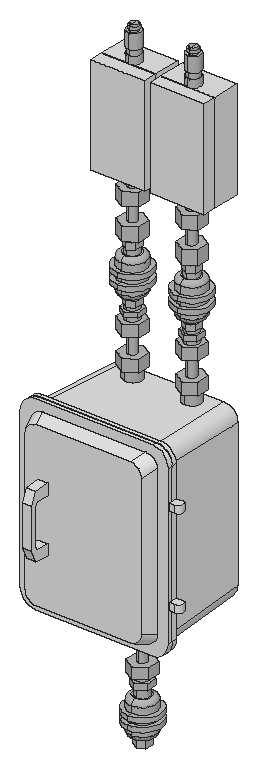
Revit family "WAGNER_Извещатели_взрывозащищённые_TITANUS_Ex_в_сборе", category Оборудование, Revit 2017
Family settings
  Размер круглого соединителя = Использовать диаметр
  Тип детали = Нормальный
  Номер OmniClass = 23.85.30.21.11.14
  Заголовок OmniClass = Alarm Panels
  На основе рабочей плоскости = Нет
  Всегда вертикально = Да
  При загрузке вырезать с полостями = Нет
  Общий = Да
  Точка расчета площади = Нет
Parameters (values of type "Typ TP-4-Ex")
  Описание = ADSK_Наименование  # "Извещатель пожарный дымовой аспирационный TITANUS Ex взрывозащищенная версия"
  Изготовитель = [ADSK_Завод-изготовитель]  # "WAGNER"
  bimon.ru = "bimon.ru"
  WAGNER_Чувствительность = if(WAGNER_Variation = 1, "от 0,015 %/м до 0,5 %/м", if(WAGNER_Variation = 2, "от 0,006 %/м до 0,5 %/м", if(WAGNER_Variation = 3, "от 0,003 %/м до 0,5 %/м", if(WAGNER_Variation = 4, "0", if(WAGNER_Variation = 5, "0", if(WAGNER_Variation = 6, "0", if(WAGNER_Variation = 7, "0", "@_@")))))))  # "от 0,006 %/м до 0,5 %/м"
  WAGNER_Тип детекторных модулей = if(WAGNER_Variation = 1, "DM-TP-50L, DM-TP-10L, DM-TP-01L", if(WAGNER_Variation = 2, "DM-TP-50L, DM-TP-10L, DM-TP-01L", if(WAGNER_Variation = 3, "DM-TP-50L-F, DM-TP-10L-F, DM-TP-01L-F", if(WAGNER_Variation = 4, "0", if(WAGNER_Variation = 5, "0", if(WAGNER_Variation = 6, "0", if(WAGNER_Variation = 7, "0", "@_@")))))))  # "DM-TP-50L, DM-TP-10L, DM-TP-01L"
  WAGNER_Тип = if(WAGNER_Variation = 1, "Typ TP-1/a-Ex", if(WAGNER_Variation = 2, "Typ TP-4-Ex", if(WAGNER_Variation = 3, "Typ TP-5-F-Ex", if(WAGNER_Variation = 4, "0", if(WAGNER_Variation = 5, "0", if(WAGNER_Variation = 6, "0", if(WAGNER_Variation = 7, "0", "@_@")))))))  # "Typ TP-4-Ex"
  WAGNER_Температурный режим. = if(WAGNER_Variation = 1, "от -20℃ до +60℃", if(WAGNER_Variation = 2, "от -20℃ до +60℃", if(WAGNER_Variation = 3, "от -40℃ до +60℃", if(WAGNER_Variation = 4, "0", if(WAGNER_Variation = 5, "0", if(WAGNER_Variation = 6, "0", if(WAGNER_Variation = 7, "0", "@_@")))))))  # "от -20℃ до +60℃"
  WAGNER_Страна производства = if(WAGNER_Variation = 1, "Россия", if(WAGNER_Variation = 2, "Россия", if(WAGNER_Variation = 3, "Россия", if(WAGNER_Variation = 4, "0", if(WAGNER_Variation = 5, "0", if(WAGNER_Variation = 6, "0", if(WAGNER_Variation = 7, "0", "@_@")))))))  # "Россия"
  WAGNER_Степень защиты оболочки = if(WAGNER_Variation = 1, "Ip66", if(WAGNER_Variation = 2, "Ip66", if(WAGNER_Variation = 3, "Ip66", if(WAGNER_Variation = 4, "0", if(WAGNER_Variation = 5, "0", if(WAGNER_Variation = 6, "0", if(WAGNER_Variation = 7, "0", "@_@")))))))  # "Ip66"
  WAGNER_Сетевые возможности = if(WAGNER_Variation = 1, "none", if(WAGNER_Variation = 2, "Ethernet, SNMP, Data logger, Web-интерфейс", if(WAGNER_Variation = 3, "Ethernet, SNMP, Data logger, Web-интерфейс", if(WAGNER_Variation = 4, "0", if(WAGNER_Variation = 5, "0", if(WAGNER_Variation = 6, "0", if(WAGNER_Variation = 7, "0", "@_@")))))))  # "Ethernet, SNMP, Data logger, Web-интерфейс"
  WAGNER_Расчет системы = if(WAGNER_Variation = 1, "Программа PipeCalc", if(WAGNER_Variation = 2, "Программа PipeCalc", if(WAGNER_Variation = 3, "Программа PipeCalc", if(WAGNER_Variation = 4, "0", if(WAGNER_Variation = 5, "0", if(WAGNER_Variation = 6, "0", if(WAGNER_Variation = 7, "0", "@_@")))))))  # "Программа PipeCalc"
  WAGNER_Рабочее напряжение = if(WAGNER_Variation = 1, "24 В", if(WAGNER_Variation = 2, "24 В", if(WAGNER_Variation = 3, "24 В", if(WAGNER_Variation = 4, "0", if(WAGNER_Variation = 5, "0", if(WAGNER_Variation = 6, "0", if(WAGNER_Variation = 7, "0", "@_@")))))))  # "24 В"
  WAGNER_Название = if(WAGNER_Variation = 1, "Извещатель пожарный дымовой аспирационный TITANUS Ex взрывозащищенная версия", if(WAGNER_Variation = 2, "Извещатель пожарный дымовой аспирационный TITANUS Ex взрывозащищенная версия", if(WAGNER_Variation = 3, "Извещатель пожарный дымовой аспирационный TITANUS Ex взрывозащищенная версия", if(WAGNER_Variation = 4, "0", if(WAGNER_Variation = 5, "0", if(WAGNER_Variation = 6, "0", if(WAGNER_Variation = 7, "0", "@_@")))))))  # "Извещатель пожарный дымовой аспирационный TITANUS Ex взрывозащищенная версия"
  WAGNER_Маркировка по взрывозащите = if(WAGNER_Variation = 1, "1Ex d IIB Т6 Gb / Ex tb IIIB T85°C Db", if(WAGNER_Variation = 2, "1Ex d IIB Т6 Gb / Ex tb IIIB T85°C Db", if(WAGNER_Variation = 3, "1Ex d IIB Т6 Gb / Ex tb IIIB T85°C Db", if(WAGNER_Variation = 4, "0", if(WAGNER_Variation = 5, "0", if(WAGNER_Variation = 6, "0", if(WAGNER_Variation = 7, "0", "@_@")))))))  # "1Ex d IIB Т6 Gb / Ex tb IIIB T85°C Db"
  WAGNER_Количество сигналов (реле) тревоги = if(WAGNER_Variation = 1, "от 1 до 2", if(WAGNER_Variation = 2, "от 1 до 4", if(WAGNER_Variation = 3, "от 1 до 6", if(WAGNER_Variation = 4, "0", if(WAGNER_Variation = 5, "0", if(WAGNER_Variation = 6, "0", if(WAGNER_Variation = 7, "0", "@_@")))))))  # "от 1 до 4"
  WAGNER_Количество сигналов (реле) неисправности = if(WAGNER_Variation = 1, "от 1 до 2", if(WAGNER_Variation = 2, "от 1 до 2", if(WAGNER_Variation = 3, "от 1 до 2", if(WAGNER_Variation = 4, "0", if(WAGNER_Variation = 5, "0", if(WAGNER_Variation = 6, "0", if(WAGNER_Variation = 7, "0", "@_@")))))))  # "от 1 до 2"
  WAGNER_Количество каналов обнаружения = if(WAGNER_Variation = 1, "2", if(WAGNER_Variation = 2, "2", if(WAGNER_Variation = 3, "2", if(WAGNER_Variation = 4, "0", if(WAGNER_Variation = 5, "0", if(WAGNER_Variation = 6, "0", if(WAGNER_Variation = 7, "0", "@_@")))))))  # "2"
  WAGNER_Артикул = if(WAGNER_Variation = 1, "AD-EX-0457", if(WAGNER_Variation = 2, "AD-EX-0462", if(WAGNER_Variation = 3, "AD-EX-0669", if(WAGNER_Variation = 4, "0", if(WAGNER_Variation = 5, "0", if(WAGNER_Variation = 6, "0", if(WAGNER_Variation = 7, "0", "@_@")))))))  # "AD-EX-0462"
  WAGNER_Variation = 2
  Uniclass Title = "Fire alarm panels"  # constant formula
  Uniclass Code = "Pr_75_75_30_29"  # constant formula
  URL = "www.wagner-russia.com"
  UNSPSC Title = "Fire alarm systems"  # constant formula
  UNSPSC Code = "46191505"  # constant formula
  OmniClass Title = "Alarm Panels"  # constant formula
  OmniClass Code = "23.85.30.21.11.14"  # constant formula
  Masterformat Title = "Fire Alarm Notification Appliances"  # constant formula
  Masterformat Code = "28 46 23"  # constant formula
  IFC Classification = ""
  COBie Category = "Fire alarm panels"  # constant formula
  ADSK_Размер_Ширина = 113 mm  # constant formula
  ADSK_Размер_Длина = 200 mm  # constant formula
  ADSK_Размер_Высота = 292 mm  # constant formula
  ADSK_Напряжение = 24 V
  ADSK_Наименование краткое = "Извещатель пожарный"  # constant formula
  ADSK_Наименование = WAGNER_Название  # "Извещатель пожарный дымовой аспирационный TITANUS Ex взрывозащищенная версия"
  ADSK_Материал = WAGNER_Корпус
  ADSK_Масса_Текст = ""
  ADSK_Марка = WAGNER_Тип  # "Typ TP-4-Ex"
  ADSK_Код изделия = "-"  # constant formula
  ADSK_Завод-изготовитель = "WAGNER"  # constant formula
  ADSK_Единица измерения = "шт."  # constant formula
  ADSK_Дата изменения = "19.07.20"  # constant formula
  ADSK_Версия семейства = "Версия 1"  # constant formula
  ADSK_Версия Revit = "Revit 2017"  # constant formula
  ADSK_URL страницы изделия = "https://ru.wagnergroup.com/systeme/brandfrueherkennung-mit-titanusr-ansaugrauchmeldern.html"
  ADSK_URL документации изделия = "https://ru.wagnergroup.com/ru/centr-zagruzki/katalog.html"
Types (3, lengths in mm): name | WAGNER_Чувствительность | WAGNER_Тип детекторных модулей | WAGNER_Тип | WAGNER_Температурный режим. | WAGNER_Сетевые возможности | WAGNER_Количество сигналов (реле) тревоги | WAGNER_Артикул | WAGNER_Variation | ADSK_Марка
  Typ TP-1/a-Ex | "от 0,015 %/м до 0,5 %/м" | "DM-TP-50L, DM-TP-10L, DM-TP-01L" | "Typ TP-1/a-Ex" | "от -20℃ до +60℃" | "none" | "от 1 до 2" | "AD-EX-0457" | 1 | "Typ TP-1/a-Ex"
  Typ TP-4-Ex | "от 0,006 %/м до 0,5 %/м" | "DM-TP-50L, DM-TP-10L, DM-TP-01L" | "Typ TP-4-Ex" | "от -20℃ до +60℃" | "Ethernet, SNMP, Data logger, Web-интерфейс" | "от 1 до 4" | "AD-EX-0462" | 2 | "Typ TP-4-Ex"
  Typ TP-5-F-Ex | "от 0,003 %/м до 0,5 %/м" | "DM-TP-50L-F, DM-TP-10L-F, DM-TP-01L-F" | "Typ TP-5-F-Ex" | "от -40℃ до +60℃" | "Ethernet, SNMP, Data logger, Web-интерфейс" | "от 1 до 6" | "AD-EX-0669" | 3 | "Typ TP-5-F-Ex"
Reference planes
  plane 1 "По центру (Вперед/Назад)": y = -115
  plane 2: z = 0
  plane 3 "По центру (Влево/Вправо)": x = -926.101
  plane 4: z = -147.566
  plane 5: x = -992.101
  plane 6: x = -860.101
  plane 7: x = -1052.101
  plane 8: x = -932.101
  plane 9: x = -920.101
  plane 10: x = -800.101
  plane 11: x = -892.101
  plane 12: x = -948.101
  plane 13: x = -1000.101
Forms (mm)
  Extrusion 1, solid, material "WAGNER_Корпус" <- "ADSK_Материал"
    sketch origin (0, -115, 0) x (1, 0, 0) y (0, 0, 1)
      loop
        line (-826.15, 134.487) -> (-1026.128, 134.487) -> (-1026.128, -145.566) -> (-826.15, -145.566) -> (-826.15, 134.487)
    from 0 to 70.93
  Sweep 2, solid, material "WAGNER_Корпус" <- "ADSK_Материал"
    path origin (0, -422.5, 0) x (0, 0, -1) y (1, 0, 0)
      loop
        line (-134.487, -926.101) -> (145.566, -926.101)
    profile origin (-926.101, -422.5, -5.539) x (0, -1, 0) y (1, 0, 0)
      loop
        line (-236.57, 99.951) -> (-237.521, 99.951) -> (-237.521, -100.026) -> (-236.57, -100.026) -> (-208.216, -93.924)
        arc (-208.216, -93.924) -> (-197.783, 0) -> (-208.216, 93.924) r 427.993
        line (-208.216, 93.924) -> (-236.57, 99.951)
  Extrusion 3, solid, material "WAGNER_Корпус" <- "ADSK_Материал"
    sketch origin (0, -115, 0) x (1, 0, 0) y (0, 0, 1)
      loop
        arc (-845.978, 124.031) -> (-851.101, 129.154) -> (-856.225, 124.031) r 5.124
        line (-856.225, 124.031) -> (-856.225, 116.031)
        arc (-856.225, 116.031) -> (-851.101, 110.907) -> (-845.978, 116.031) r 5.124
        line (-845.978, 116.031) -> (-845.978, 124.031)
      loop
        arc (-875.978, 124.031) -> (-881.101, 129.154) -> (-886.225, 124.031) r 5.124
        line (-886.225, 124.031) -> (-886.225, 116.031)
        arc (-886.225, 116.031) -> (-881.101, 110.907) -> (-875.978, 116.031) r 5.124
        line (-875.978, 116.031) -> (-875.978, 124.031)
      loop
        arc (-1005.978, 124.031) -> (-1011.101, 129.154) -> (-1016.225, 124.031) r 5.124
        line (-1016.225, 124.031) -> (-1016.225, 116.031)
        arc (-1016.225, 116.031) -> (-1011.101, 110.907) -> (-1005.978, 116.031) r 5.124
        line (-1005.978, 116.031) -> (-1005.978, 124.031)
      loop
        arc (-1014.902, -129.646) -> (-1020.026, -134.77) -> (-1014.902, -139.894) r 5.124
        line (-1014.902, -139.894) -> (-1006.902, -139.894)
        arc (-1006.902, -139.894) -> (-1001.778, -134.77) -> (-1006.902, -129.646) r 5.124
        line (-1006.902, -129.646) -> (-1014.902, -129.646)
      loop
        arc (-855.301, -129.646) -> (-860.425, -134.77) -> (-855.301, -139.894) r 5.124
        line (-855.301, -139.894) -> (-847.301, -139.894)
        arc (-847.301, -139.894) -> (-842.177, -134.77) -> (-847.301, -129.646) r 5.124
        line (-847.301, -129.646) -> (-855.301, -129.646)
    from -2.983 to 0
  Extrusion 4, solid, material "WAGNER_Корпус" <- "ADSK_Материал"
    sketch origin (0, 0, 0) x (1, 0, 0) y (0, 1, 0)
      loop
        circle (-967.443, -139.017) r 12.5
    from 134.487 to 145.487
  Extrusion 5, solid, material "WAGNER_Корпус" <- "ADSK_Материал"
    sketch origin (0, 0, 0) x (1, 0, 0) y (0, 1, 0)
      loop
        circle (-912.443, -139.017) r 12.5
    from 134.487 to 145.487
  Extrusion 6, solid, material "WAGNER_Корпус" <- "ADSK_Материал"
    sketch origin (0, 0, 0) x (1, 0, 0) y (0, 1, 0)
      loop
        circle (-850.763, -162.048) r 10
    from 134.487 to 136.468
  Extrusion 7, solid, material "WAGNER_Корпус" <- "ADSK_Материал"
    sketch origin (0, 27.996, 0) x (1, 0, 0) y (0, 1, 0)
      loop
        circle (-850.763, -162.048) r 10
    from 134.487 to 136.468
  Extrusion 8, solid, material "WAGNER_Корпус" <- "ADSK_Материал"
    sketch origin (0, -115, 0) x (1, 0, 0) y (0, 0, 1)
      loop
        circle (-865.763, -77.26) r 12.5
      loop
        circle (-861.763, -111.26) r 12.5
    from -2.983 to 0
  Extrusion 9, solid, material "WAGNER_Корпус" <- "ADSK_Материал"
    sketch origin (0, 0, 0) x (1, 0, 0) y (0, 1, 0)
      loop
        circle (-1004.101, -136.052) r 10
    from -147.566 to -145.566
  Extrusion 10, solid, material "WAGNER_Корпус" <- "ADSK_Материал"
    sketch origin (28, 0, 0) x (1, 0, 0) y (0, 1, 0)
      loop
        circle (-1004.101, -136.052) r 10
    from -147.566 to -145.566
  Extrusion 11, solid, material "WAGNER_Корпус" <- "ADSK_Материал"
    sketch origin (56, 0, 0) x (1, 0, 0) y (0, 1, 0)
      loop
        circle (-1004.101, -136.052) r 10
    from -147.566 to -145.566
  Extrusion 12, solid, material "WAGNER_Корпус" <- "ADSK_Материал"
    sketch origin (15, 0, 0) x (1, 0, 0) y (0, 1, 0)
      loop
        circle (-912.443, -139.017) r 12.5
    from -147.566 to -143.765
  Extrusion 13, solid, material "WAGNER_Корпус" <- "ADSK_Материал"
    sketch origin (48.229, 5.859, 0) x (1, 0, 0) y (0, 1, 0)
      loop
        circle (-912.443, -139.017) r 12.5
    from -147.566 to -143.765
  Extrusion 14, solid, material "WAGNER_Корпус" <- "ADSK_Материал"
    sketch origin (64.229, -24.232, 0) x (1, 0, 0) y (0, 1, 0)
      loop
        circle (-912.443, -139.017) r 12.5
    from -147.566 to -143.765
  Extrusion 15, solid, material "WAGNER_Корпус" <- "ADSK_Материал"
    sketch origin (0, -422.5, 0) x (0, 0, -1) y (1, 0, 0)
      loop
        line (50.56, -1006.063) -> (110.501, -1006.063) -> (110.501, -846.14) -> (5.577, -846.14)
        arc (5.577, -846.14) -> (16.4, -929.384) -> (50.56, -1006.063) r 290.67
    from -208.216 to -197.5
  SweptBlend 16, solid, material "WAGNER_Корпус" <- "ADSK_Материал"
    path origin (-926.101, 555, 0) x (0, 1, 0) y (0, 0, 1)
      loop
        line (-665, 0) -> (-865, 0)
    profile origin (-926.101, -110, 0) x (0, 0, -1) y (1, 0, 0)
      loop
        arc (-192.5, -112) -> (-183.713, -133.213) -> (-162.5, -142) r 30
        line (-162.5, -142) -> (162.5, -142)
        arc (162.5, -142) -> (183.713, -133.213) -> (192.5, -112) r 30
        line (192.5, -112) -> (192.5, 112.5)
        arc (192.5, 112.5) -> (183.713, 133.713) -> (162.5, 142.5) r 30
        line (162.5, 142.5) -> (-162.5, 142.5)
        arc (-162.5, 142.5) -> (-183.713, 133.713) -> (-192.5, 112.5) r 30
        line (-192.5, 112.5) -> (-192.5, -112)
    end profile origin (-926.101, -310, 0) x (0, 0, -1) y (1, 0, 0)
      loop
        arc (-200, -122.843) -> (-191.213, -144.057) -> (-170, -152.843) r 30
        line (-170, -152.843) -> (170, -152.843)
        arc (170, -152.843) -> (191.213, -144.057) -> (200, -122.843) r 30
        line (200, -122.843) -> (200, 122.843)
        arc (200, 122.843) -> (191.213, 144.057) -> (170, 152.843) r 30
        line (170, 152.843) -> (-170, 152.843)
        arc (-170, 152.843) -> (-191.213, 144.057) -> (-200, 122.843) r 30
        line (-200, 122.843) -> (-200, -122.843)
  Sweep 17, solid, material "WAGNER_Корпус" <- "ADSK_Материал"
    path origin (-926.101, 555, 0) x (0, 1, 0) y (0, 0, 1)
      loop
        line (-865, 0) -> (-875, 0)
    profile origin (-926.101, -315, 0) x (0, 0, -1) y (1, 0, 0)
      loop
        arc (-210.003, -130) -> (-199.752, -154.749) -> (-175.003, -165) r 35
        line (-175.003, -165) -> (174.997, -165)
        arc (174.997, -165) -> (199.746, -154.749) -> (209.997, -130) r 35
        line (209.997, -130) -> (209.997, 130)
        arc (209.997, 130) -> (199.746, 154.749) -> (174.997, 165) r 35
        line (174.997, 165) -> (-175.003, 165)
        arc (-175.003, 165) -> (-199.752, 154.749) -> (-210.003, 130) r 35
        line (-210.003, 130) -> (-210.003, -130)
  Sweep 18, solid, material "WAGNER_Корпус" <- "ADSK_Материал"
    path origin (-926.101, 545, 0) x (0, 1, 0) y (0, 0, 1)
      loop
        line (-865, 0) -> (-875, 0)
    profile origin (-926.101, -325, 0) x (0, 0, -1) y (1, 0, 0)
      loop
        arc (-210.003, -130) -> (-199.752, -154.749) -> (-175.003, -165) r 35
        line (-175.003, -165) -> (174.997, -165)
        arc (174.997, -165) -> (199.746, -154.749) -> (209.997, -130) r 35
        line (209.997, -130) -> (209.997, 130)
        arc (209.997, 130) -> (199.746, 154.749) -> (174.997, 165) r 35
        line (174.997, 165) -> (-175.003, 165)
        arc (-175.003, 165) -> (-199.752, 154.749) -> (-210.003, 130) r 35
        line (-210.003, 130) -> (-210.003, -130)
  SweptBlend 19, solid, material "WAGNER_Корпус" <- "ADSK_Материал"
    path origin (-926.101, 0, 0) x (0, 1, 0) y (0, 0, 1)
      loop
        line (-330, 0.003) -> (-360, 0.003)
    profile origin (-926.101, -330, 0.003) x (0, 0, -1) y (1, 0, 0)
      loop
        arc (-189.997, -115) -> (-182.674, -132.678) -> (-164.997, -140) r 25
        line (-164.997, -140) -> (165.003, -140)
        arc (165.003, -140) -> (182.681, -132.678) -> (190.003, -115) r 25
        line (190.003, -115) -> (190.003, 115)
        arc (190.003, 115) -> (182.681, 132.678) -> (165.003, 140) r 25
        line (165.003, 140) -> (-164.997, 140)
        arc (-164.997, 140) -> (-182.674, 132.678) -> (-189.997, 115) r 25
        line (-189.997, 115) -> (-189.997, -115)
    end profile origin (-926.101, -360, 0.003) x (0, 0, -1) y (1, 0, 0)
      loop
        arc (-179.997, -105) -> (-172.674, -122.678) -> (-154.997, -130) r 25
        line (-154.997, -130) -> (155.003, -130)
        arc (155.003, -130) -> (172.681, -122.678) -> (180.003, -105) r 25
        line (180.003, -105) -> (180.003, 105)
        arc (180.003, 105) -> (172.681, 122.678) -> (155.003, 130) r 25
        line (155.003, 130) -> (-154.997, 130)
        arc (-154.997, 130) -> (-172.674, 122.678) -> (-179.997, 105) r 25
        line (-179.997, 105) -> (-179.997, -105)
  Extrusion 20, solid, material "WAGNER_Корпус" <- "ADSK_Материал"
    sketch origin (-926.101, 0, 0) x (0, 1, 0) y (0, 0, 1)
      loop
        line (-360, 73.798) -> (-392.449, 70.387) -> (-403.46, 45.656) -> (-403.46, -44.344) -> (-392.449, -69.075) -> (-360, -72.485) -> (-360, -47.348) -> (-390, -47.348) -> (-395, -38.687) -> (-395, 40) -> (-390, 48.66) -> (-360, 48.66) -> (-360, 73.798)
    from -100.026 to -79.962
  Extrusion 21, solid, material "WAGNER_Корпус" <- "ADSK_Материал"
    sketch origin (0, 0, 0) x (1, 0, 0) y (0, 1, 0)
      loop
        line (-761.101, -310) -> (-761.101, -330) -> (-746.101, -330)
        arc (-746.101, -330) -> (-736.101, -320) -> (-746.101, -310) r 10
        line (-746.101, -310) -> (-761.101, -310)
    from 91.673 to 106.673
  Extrusion 22, solid, material "WAGNER_Корпус" <- "ADSK_Материал"
    sketch origin (0, 0, -225) x (0, -1, 0) y (1, 0, 0)
      loop
        line (310, -761.101) -> (330, -761.101) -> (330, -746.101)
        arc (330, -746.101) -> (320, -736.101) -> (310, -746.101) r 10
        line (310, -746.101) -> (310, -761.101)
    from 118.327 to 133.327
  Revolve 23, solid, material "WAGNER_PVC"
    sketch origin (-892.101, 0, 0) x (0, 1, 0) y (0, 0, 1)
      loop
        line (-238.367, -361.151) -> (-238.367, -193.304) -> (-258.367, -193.304) -> (-258.367, -213.304) -> (-248.367, -213.304) -> (-248.367, -293.304) -> (-258.367, -293.304) -> (-258.367, -318.304) -> (-253.367, -318.304) -> (-253.367, -361.151) -> (-238.367, -361.151)
      axis (-238.367, -193.304) -> (-238.367, -361.151)
    angle from 0 to 360
  Revolve 24, solid, material "WAGNER_PVC"
    sketch origin (-892.101, 0, 0) x (0, 1, 0) y (0, 0, 1)
      loop
        line (-238.367, -361.151) -> (-258.367, -361.151)
        arc (-258.367, -361.151) -> (-265.438, -364.08) -> (-268.367, -371.151) r 10
        line (-268.367, -371.151) -> (-268.367, -386.151) -> (-278.367, -386.151) -> (-278.367, -396.151) -> (-238.367, -396.151) -> (-238.367, -361.151)
      axis (-238.367, -361.151) -> (-238.367, -396.151)
    angle from 0 to 360
  Revolve 25, solid, material "WAGNER_PVC"
    sketch origin (-892.101, 0, -801.601) x (0, 1, 0) y (0, 0, -1)
      loop
        line (-238.367, -361.151) -> (-258.367, -361.151)
        arc (-258.367, -361.151) -> (-265.438, -364.08) -> (-268.367, -371.151) r 10
        line (-268.367, -371.151) -> (-268.367, -386.151) -> (-278.367, -386.151) -> (-278.367, -396.151) -> (-238.367, -396.151) -> (-238.367, -361.151)
      axis (-238.367, -361.151) -> (-238.367, -396.151)
    angle from 0 to 360
  Revolve 26, solid, material "WAGNER_PVC"
    sketch origin (-892.101, 0, 0) x (0, 1, 0) y (0, 0, 1)
      loop
        line (-238.367, -396.151) -> (-268.367, -396.151) -> (-268.367, -405.45) -> (-238.367, -405.45) -> (-238.367, -396.151)
      axis (-238.367, -396.151) -> (-238.367, -405.45)
    angle from 0 to 360
  Extrusion 27, solid, material "WAGNER_PVC"
    sketch origin (34, 0, 0) x (1, 0, 0) y (0, 1, 0)
      loop
        line (-901.101, -223.933) -> (-926.101, -209.499) -> (-951.101, -223.933) -> (-951.101, -252.8) -> (-926.101, -267.234) -> (-901.101, -252.8) -> (-901.101, -223.933)
    from -251.146 to -223.748
  Extrusion 28, solid, material "WAGNER_PVC"
    sketch origin (34, 0, 0) x (1, 0, 0) y (0, 1, 0)
      loop
        line (-901.101, -223.933) -> (-926.101, -209.499) -> (-951.101, -223.933) -> (-951.101, -252.8) -> (-926.101, -267.234) -> (-901.101, -252.8) -> (-901.101, -223.933)
    from -318.304 to -293.304
  Extrusion 29, solid, material "WAGNER_PVC"
    sketch origin (34, 0, 0) x (1, 0, 0) y (0, 1, 0)
      loop
        line (-906.101, -226.82) -> (-926.101, -215.273) -> (-946.101, -226.82) -> (-946.101, -249.914) -> (-926.101, -261.461) -> (-906.101, -249.914) -> (-906.101, -226.82)
    from -341.522 to -327.735
  Extrusion 30, solid, material "WAGNER_PVC"
    sketch origin (34, 0, 0) x (1, 0, 0) y (0, 1, 0)
      loop
        line (-911.101, -229.706) -> (-926.101, -221.046) -> (-941.101, -229.706) -> (-941.101, -247.027) -> (-926.101, -255.687) -> (-911.101, -247.027) -> (-911.101, -229.706)
    from -460.083 to -440.19
  Revolve 31, solid, material "WAGNER_PVC"
    sketch origin (-860.101, 97.027, 0) x (0, 1, 0) y (0, 0, 1)
      loop
        line (-238.367, 363.543) -> (-253.367, 363.543) -> (-253.367, 312.429) -> (-258.367, 312.429) -> (-258.367, 293.304) -> (-248.367, 293.304) -> (-248.367, 213.304) -> (-258.367, 213.304) -> (-258.367, 193.304) -> (-238.367, 193.304) -> (-238.367, 363.543)
      loop
        line (-238.367, 440.247) -> (-238.367, 608.094) -> (-258.367, 608.094) -> (-258.367, 588.094) -> (-248.367, 588.094) -> (-248.367, 508.094) -> (-258.367, 508.094) -> (-258.367, 488.969) -> (-253.367, 488.969) -> (-253.367, 440.247) -> (-238.367, 440.247)
      axis (-238.367, 193.304) -> (-238.367, 608.094)
    angle from 0 to 360
  Revolve 32, solid, material "WAGNER_PVC"
    sketch origin (-860.101, 97.027, 295) x (0, 1, 0) y (0, 0, 1)
      loop
        line (-238.367, 66.019) -> (-238.367, 101.019) -> (-278.367, 101.019) -> (-278.367, 91.019) -> (-268.367, 91.019) -> (-268.367, 76.019)
        arc (-268.367, 76.019) -> (-265.438, 68.948) -> (-258.367, 66.019) r 10
        line (-258.367, 66.019) -> (-238.367, 66.019)
      axis (-238.367, 66.019) -> (-238.367, 101.019)
    angle from 0 to 360
  Revolve 33, solid, material "WAGNER_PVC"
    sketch origin (-860.101, 97.027, 805.347) x (0, 1, 0) y (0, 0, 1)
      loop
        line (-238.367, -361.151) -> (-258.367, -361.151)
        arc (-258.367, -361.151) -> (-265.438, -364.08) -> (-268.367, -371.151) r 10
        line (-268.367, -371.151) -> (-268.367, -386.151) -> (-278.367, -386.151) -> (-278.367, -396.151) -> (-238.367, -396.151) -> (-238.367, -361.151)
      axis (-238.367, -361.151) -> (-238.367, -396.151)
    angle from 0 to 360
  Revolve 34, solid, material "WAGNER_PVC"
    sketch origin (-860.101, 97.027, 0) x (0, 1, 0) y (0, 0, 1)
      loop
        line (-238.367, 391.019) -> (-238.367, 409.197) -> (-268.367, 409.197) -> (-268.367, 391.019) -> (-238.367, 391.019)
      axis (-238.367, 391.019) -> (-238.367, 409.197)
    angle from 0 to 360
  Extrusion 35, solid, material "WAGNER_PVC"
    sketch origin (66, 97.027, 0) x (1, 0, 0) y (0, 1, 0)
      loop
        line (-901.101, -223.933) -> (-926.101, -209.499) -> (-951.101, -223.933) -> (-951.101, -252.8) -> (-926.101, -267.234) -> (-901.101, -252.8) -> (-901.101, -223.933)
    from 217.308 to 243.986
  Extrusion 36, solid, material "WAGNER_PVC"
    sketch origin (66, 97.027, 0) x (1, 0, 0) y (0, 1, 0)
      loop
        line (-901.101, -223.933) -> (-926.101, -209.499) -> (-951.101, -223.933) -> (-951.101, -252.8) -> (-926.101, -267.234) -> (-901.101, -252.8) -> (-901.101, -223.933)
    from 286.57 to 312.429
  Extrusion 37, solid, material "WAGNER_PVC"
    sketch origin (66, 97.027, 0) x (1, 0, 0) y (0, 1, 0)
      loop
        line (-906.101, -226.82) -> (-926.101, -215.273) -> (-946.101, -226.82) -> (-946.101, -249.914) -> (-926.101, -261.461) -> (-906.101, -249.914) -> (-906.101, -226.82)
    from 323.215 to 334.505
  Extrusion 38, solid, material "WAGNER_PVC"
    sketch origin (66, 97.027, 0) x (1, 0, 0) y (0, 1, 0)
      loop
        line (-911.101, -229.706) -> (-926.101, -221.046) -> (-941.101, -229.706) -> (-941.101, -247.027) -> (-926.101, -255.687) -> (-911.101, -247.027) -> (-911.101, -229.706)
    from 340.478 to 353.149
  Extrusion 39, solid, material "WAGNER_PVC"
    sketch origin (66, 97.027, 0) x (1, 0, 0) y (0, 1, 0)
      loop
        line (-911.101, -229.706) -> (-926.101, -221.046) -> (-941.101, -229.706) -> (-941.101, -247.027) -> (-926.101, -255.687) -> (-911.101, -247.027) -> (-911.101, -229.706)
    from 455.857 to 470.443
  Extrusion 40, solid, material "WAGNER_PVC"
    sketch origin (66, 97.027, 0) x (1, 0, 0) y (0, 1, 0)
      loop
        line (-901.101, -223.933) -> (-926.101, -209.499) -> (-951.101, -223.933) -> (-951.101, -252.8) -> (-926.101, -267.234) -> (-901.101, -252.8) -> (-901.101, -223.933)
    from 477.187 to 508.094
  Extrusion 41, solid, material "WAGNER_PVC"
    sketch origin (66, 97.027, 0) x (1, 0, 0) y (0, 1, 0)
      loop
        line (-901.101, -223.933) -> (-926.101, -209.499) -> (-951.101, -223.933) -> (-951.101, -252.8) -> (-926.101, -267.234) -> (-901.101, -252.8) -> (-901.101, -223.933)
    from 547.271 to 576.895
  Revolve 42, solid, material "WAGNER_PVC"
    sketch origin (-992.101, 97.027, 0) x (0, 1, 0) y (0, 0, 1)
      loop
        line (-238.367, 363.543) -> (-253.367, 363.543) -> (-253.367, 312.429) -> (-258.367, 312.429) -> (-258.367, 293.304) -> (-248.367, 293.304) -> (-248.367, 213.304) -> (-258.367, 213.304) -> (-258.367, 193.304) -> (-238.367, 193.304) -> (-238.367, 363.543)
      loop
        line (-238.367, 440.247) -> (-238.367, 608.094) -> (-258.367, 608.094) -> (-258.367, 588.094) -> (-248.367, 588.094) -> (-248.367, 508.094) -> (-258.367, 508.094) -> (-258.367, 488.969) -> (-253.367, 488.969) -> (-253.367, 440.247) -> (-238.367, 440.247)
      axis (-238.367, 193.304) -> (-238.367, 608.094)
    angle from 0 to 360
  Revolve 43, solid, material "WAGNER_PVC"
    sketch origin (-992.101, 97.027, 295) x (0, 1, 0) y (0, 0, 1)
      loop
        line (-238.367, 66.019) -> (-238.367, 101.019) -> (-278.367, 101.019) -> (-278.367, 91.019) -> (-268.367, 91.019) -> (-268.367, 76.019)
        arc (-268.367, 76.019) -> (-265.438, 68.948) -> (-258.367, 66.019) r 10
        line (-258.367, 66.019) -> (-238.367, 66.019)
      axis (-238.367, 66.019) -> (-238.367, 101.019)
    angle from 0 to 360
  Revolve 44, solid, material "WAGNER_PVC"
    sketch origin (-992.101, 97.027, 0) x (0, 1, 0) y (0, 0, 1)
      loop
        line (-238.367, 391.019) -> (-238.367, 409.197) -> (-268.367, 409.197) -> (-268.367, 391.019) -> (-238.367, 391.019)
      axis (-238.367, 391.019) -> (-238.367, 409.197)
    angle from 0 to 360
  Extrusion 45, solid, material "WAGNER_PVC"
    sketch origin (-66, 97.027, 0) x (1, 0, 0) y (0, 1, 0)
      loop
        line (-901.101, -223.933) -> (-926.101, -209.499) -> (-951.101, -223.933) -> (-951.101, -252.8) -> (-926.101, -267.234) -> (-901.101, -252.8) -> (-901.101, -223.933)
    from 217.308 to 243.986
  Extrusion 46, solid, material "WAGNER_PVC"
    sketch origin (-66, 97.027, 0) x (1, 0, 0) y (0, 1, 0)
      loop
        line (-901.101, -223.933) -> (-926.101, -209.499) -> (-951.101, -223.933) -> (-951.101, -252.8) -> (-926.101, -267.234) -> (-901.101, -252.8) -> (-901.101, -223.933)
    from 286.57 to 312.429
  Extrusion 47, solid, material "WAGNER_PVC"
    sketch origin (-66, 97.027, 0) x (1, 0, 0) y (0, 1, 0)
      loop
        line (-906.101, -226.82) -> (-926.101, -215.273) -> (-946.101, -226.82) -> (-946.101, -249.914) -> (-926.101, -261.461) -> (-906.101, -249.914) -> (-906.101, -226.82)
    from 323.215 to 334.505
  Extrusion 48, solid, material "WAGNER_PVC"
    sketch origin (-66, 97.027, 0) x (1, 0, 0) y (0, 1, 0)
      loop
        line (-911.101, -229.706) -> (-926.101, -221.046) -> (-941.101, -229.706) -> (-941.101, -247.027) -> (-926.101, -255.687) -> (-911.101, -247.027) -> (-911.101, -229.706)
    from 340.478 to 353.149
  Extrusion 49, solid, material "WAGNER_PVC"
    sketch origin (-66, 97.027, 0) x (1, 0, 0) y (0, 1, 0)
      loop
        line (-911.101, -229.706) -> (-926.101, -221.046) -> (-941.101, -229.706) -> (-941.101, -247.027) -> (-926.101, -255.687) -> (-911.101, -247.027) -> (-911.101, -229.706)
    from 455.857 to 470.443
  Extrusion 50, solid, material "WAGNER_PVC"
    sketch origin (-66, 97.027, 0) x (1, 0, 0) y (0, 1, 0)
      loop
        line (-901.101, -223.933) -> (-926.101, -209.499) -> (-951.101, -223.933) -> (-951.101, -252.8) -> (-926.101, -267.234) -> (-901.101, -252.8) -> (-901.101, -223.933)
    from 477.187 to 508.094
  Extrusion 51, solid, material "WAGNER_PVC"
    sketch origin (-66, 97.027, 0) x (1, 0, 0) y (0, 1, 0)
      loop
        line (-901.101, -223.933) -> (-926.101, -209.499) -> (-951.101, -223.933) -> (-951.101, -252.8) -> (-926.101, -267.234) -> (-901.101, -252.8) -> (-901.101, -223.933)
    from 547.271 to 576.895
  Revolve 52, solid, material "WAGNER_PVC"
    sketch origin (-992.101, 97.027, 805.347) x (0, 1, 0) y (0, 0, 1)
      loop
        line (-238.367, -361.151) -> (-258.367, -361.151)
        arc (-258.367, -361.151) -> (-265.438, -364.08) -> (-268.367, -371.151) r 10
        line (-268.367, -371.151) -> (-268.367, -386.151) -> (-278.367, -386.151) -> (-278.367, -396.151) -> (-238.367, -396.151) -> (-238.367, -361.151)
      axis (-238.367, -361.151) -> (-238.367, -396.151)
    angle from 0 to 360
  Extrusion 53, solid, material "WAGNER_Корпус" <- "ADSK_Материал"
    sketch origin (-926.101, 0, 0) x (0, 1, 0) y (0, 0, 1)
      loop
        line (-91.562, 823.226) -> (-151.562, 823.226) -> (-151.562, 603.226) -> (-91.562, 603.226) -> (-91.562, 823.226)
    from -126 to -6
  Extrusion 54, solid, material "WAGNER_Корпус" <- "ADSK_Материал"
    sketch origin (-926.101, 0, 0) x (0, 1, 0) y (0, 0, 1)
      loop
        line (-91.562, 823.226) -> (-151.562, 823.226) -> (-151.562, 603.226) -> (-91.562, 603.226) -> (-91.562, 823.226)
    from 6 to 126
  Extrusion 55, solid, material "WAGNER_Корпус" <- "ADSK_Материал"
    sketch origin (-926.101, 0, 0) x (0, 1, 0) y (0, 0, 1)
      loop
        line (-151.562, 823.226) -> (-181.562, 823.226) -> (-181.562, 603.226) -> (-151.562, 603.226) -> (-151.562, 823.226)
    from -126 to -6
  Extrusion 56, solid, material "WAGNER_Корпус" <- "ADSK_Материал"
    sketch origin (-926.101, 0, 0) x (0, 1, 0) y (0, 0, 1)
      loop
        line (-151.562, 823.226) -> (-181.562, 823.226) -> (-181.562, 603.226) -> (-151.562, 603.226) -> (-151.562, 823.226)
    from 6 to 126
  Revolve 57, solid, material "WAGNER_PVC"
    sketch origin (-948.101, 577.379, 0) x (0, 1, 0) y (0, 0, 1)
      loop
        line (-811.207, -188.458) -> (-826.715, -188.458) -> (-826.715, -204.648) -> (-824.161, -204.648) -> (-824.161, -217.931) -> (-826.715, -217.931) -> (-826.715, -249.822) -> (-819.733, -249.822) -> (-819.733, -254.822) -> (-822.117, -254.822) -> (-822.117, -259.822) -> (-819.733, -259.822) -> (-819.733, -263.398) -> (-811.207, -263.398) -> (-811.207, -188.458)
      axis (-811.207, -188.458) -> (-811.207, -263.398)
    angle from 0 to 360
  Revolve 58, solid, material "WAGNER_PVC"
    sketch origin (-1000.101, 577.379, 0) x (0, 1, 0) y (0, 0, 1)
      loop
        line (-811.207, -188.458) -> (-826.715, -188.458) -> (-826.715, -204.648) -> (-824.161, -204.648) -> (-824.161, -217.931) -> (-826.715, -217.931) -> (-826.715, -249.822) -> (-819.733, -249.822) -> (-819.733, -254.822) -> (-822.117, -254.822) -> (-822.117, -259.822) -> (-819.733, -259.822) -> (-819.733, -263.398) -> (-811.207, -263.398) -> (-811.207, -188.458)
      axis (-811.207, -188.458) -> (-811.207, -263.398)
    angle from 0 to 360
  Revolve 59, solid, material "WAGNER_PVC"
    sketch origin (-860.101, 690.154, 1086.624) x (0, 1, 0) y (0, 0, 1)
      loop
        line (-826.715, -263.398) -> (-811.207, -263.398) -> (-811.207, -247.208) -> (-813.762, -247.208) -> (-813.762, -233.925) -> (-811.207, -233.925) -> (-811.207, -202.034) -> (-818.189, -202.034) -> (-818.189, -197.034) -> (-815.805, -197.034) -> (-815.805, -192.034) -> (-818.189, -192.034) -> (-818.189, -188.458) -> (-826.715, -188.458) -> (-826.715, -263.398)
      axis (-826.715, -263.398) -> (-826.715, -188.458)
    angle from 0 to 360
  Revolve 60, solid, material "WAGNER_PVC"
    sketch origin (-992.101, 690.154, 1086.624) x (0, 1, 0) y (0, 0, 1)
      loop
        line (-826.715, -263.398) -> (-811.207, -263.398) -> (-811.207, -247.208) -> (-813.762, -247.208) -> (-813.762, -233.925) -> (-811.207, -233.925) -> (-811.207, -202.034) -> (-818.189, -202.034) -> (-818.189, -197.034) -> (-815.805, -197.034) -> (-815.805, -192.034) -> (-818.189, -192.034) -> (-818.189, -188.458) -> (-826.715, -188.458) -> (-826.715, -263.398)
      axis (-826.715, -263.398) -> (-826.715, -188.458)
    angle from 0 to 360
  Extrusion 61, solid, material "WAGNER_PVC"
    sketch origin (0, -115, 0) x (1, 0, 0) y (0, 0, 1)
      loop
        circle (-818.721, 157.986) r 15
      loop
        circle (-1033.482, 157.986) r 15
      loop
        circle (-818.721, -157.986) r 15
      loop
        circle (-1033.482, -157.986) r 15
    from -11.423 to -5
Cuts and joins
  joined: Extrusion 1, Sweep 2, Extrusion 3, Extrusion 4, Extrusion 5, Extrusion 6, Extrusion 7, Extrusion 8, Extrusion 9, Extrusion 10, Extrusion 11, Extrusion 12, Extrusion 13, Extrusion 14, Extrusion 15
  joined: Revolve 23, Revolve 24, Revolve 25, Revolve 26, Extrusion 27, Extrusion 28, Extrusion 29, Extrusion 30, Revolve 31, Revolve 32, Revolve 33, Revolve 34, Extrusion 35, Extrusion 36, Extrusion 37, Extrusion 38, Extrusion 39, Extrusion 40, Extrusion 41, Revolve 42, Revolve 43, Revolve 44, Extrusion 45, Extrusion 46, Extrusion 47, Extrusion 48, Extrusion 49, Extrusion 50, Extrusion 51, Revolve 52, Revolve 57, Revolve 58, Revolve 59, Revolve 60, Extrusion 61
  joined: SweptBlend 16, Sweep 17
Dimensions and locks
  aligned and locked: level to plane 2
Nested families
  nested 1: "Надпись" at (-928.069, -225, -71.776) x (1, 0, 0) z (0, -1, 0), type "Надпись"
    with ADSK_Материал none
Connectors
  piping at (-892.101, -238.367, -460.083), diameter 25
    settings: on cut or joined group 1 (Revolve 23, Revolve 24, Revolve 25, Revolve 26, Extrusion 27, Extrusion 28, Extrusion 29, Extrusion 30, Revolve 31, Revolve 32, Revolve 33, Revolve 34, Extrusion 35, Extrusion 36, Extrusion 37, Extrusion 38, Extrusion 39, Extrusion 40, Extrusion 41, Revolve 42, Revolve 43, Revolve 44, Extrusion 45, Extrusion 46, Extrusion 47, Extrusion 48, Extrusion 49, Extrusion 50, Extrusion 51, Revolve 52, Revolve 57, Revolve 58, Revolve 59, Revolve 60, Extrusion 61), index 1, connector inside diameter 609.6 mm, connector length 0 mm, flow factor 0, pipe flow 0.0 m³/h, pressure drop 0.0 Pa, fitting loss kfactor 0, connector angle 0.00°, fixture units 0, engagement length 0 mm, angle of deflection 0.00°, flow configuration 0, flow direction 0, fitting loss method 0, system type 28, joint type 0, gender type 0, connector reference index -1, connector utility 0, adjustable connector no, is connector primary yes, connector description ""
  piping at (-992.101, -136.562, 898.166), diameter 25
    settings: on cut or joined group 1, index 2, connector inside diameter 609.6 mm, connector length 0 mm, flow factor 0, pipe flow 0.0 m³/h, pressure drop 0.0 Pa, fitting loss kfactor 0, connector angle 0.00°, fixture units 0, engagement length 0 mm, angle of deflection 0.00°, flow configuration 0, flow direction 0, fitting loss method 0, system type 28, joint type 0, gender type 0, connector reference index -1, connector utility 0, adjustable connector no, is connector primary no, connector description ""
  piping at (-860.101, -136.562, 898.166), diameter 25
    settings: on cut or joined group 1, index 3, connector inside diameter 609.6 mm, connector length 0 mm, flow factor 0, pipe flow 0.0 m³/h, pressure drop 0.0 Pa, fitting loss kfactor 0, connector angle 0.00°, fixture units 0, engagement length 0 mm, angle of deflection 0.00°, flow configuration 0, flow direction 0, fitting loss method 0, system type 28, joint type 0, gender type 0, connector reference index -1, connector utility 0, adjustable connector no, is connector primary no, connector description ""
  cabletrayconduit at (-1000.101, -233.828, -263.398), diameter 20
    settings: on cut or joined group 1, index 4, connector width 300 mm, connector height 300 mm, connector angle 0.00°, system type 32, placement type 0, profile type 0, connector reference index -1, is primary connector yes, connector utility param no, connector description ""
  cabletrayconduit at (-948.101, -233.828, -263.398), diameter 20
    settings: on cut or joined group 1, index 5, connector width 300 mm, connector height 300 mm, connector angle 0.00°, system type 32, placement type 0, profile type 0, connector reference index -1, is primary connector no, connector utility param no, connector description ""
Definition of nested family "Надпись"
  Parameters (values of type "Надпись")
    Default Elevation = 1219.2 mm
    Height = 0 mm
    ADSK_Материал [instance] = none
  Reference planes
    plane 1 "По центру (Вперед/Назад)": y = 0
    plane 2: z = 0
    plane 3 "По центру (Влево/Вправо)": x = 0
  Forms (mm)
    Extrusion 1, solid
      sketch origin (0, 0, 0) x (1, 0, 0) y (0, 1, 0)
        loop
          line (-8.661, 5) -> (-8.661, -2.59) -> (0, -2.59) -> (0, 5) -> (-8.661, 5)
      from 0 to -3.341
    Extrusion 2, solid, material <- "ADSK_Материал"
      sketch origin (0, 90.349, 0) x (1, 0, 0) y (0, 1, 0)
        loop
          line (-66.633, -96.987) -> (-64.622, -105.534) -> (-59.018, -105.534) -> (-60.333, -96.987) -> (-66.633, -96.987)
        loop
          line (-62.433, -114.837) -> (-56.483, -114.837) -> (-54.193, -106.29) -> (-64.444, -106.29) -> (-62.433, -114.837)
        loop
          line (-53.942, -106.29) -> (-51.583, -114.837) -> (-45.633, -114.837) -> (-43.622, -106.29) -> (-53.942, -106.29)
        loop
          line (-41.433, -96.987) -> (-47.733, -96.987) -> (-49.048, -105.534) -> (-43.444, -105.534) -> (-41.433, -96.987)
        loop
          line (-49.282, -105.534) -> (-51.583, -96.987) -> (-56.483, -96.987) -> (-58.784, -105.534) -> (-49.282, -105.534)
        loop
          line (-38.458, -96.987) -> (-40.301, -105.534) -> (-34.728, -105.534) -> (-33.383, -100.137) -> (-31.936, -105.537) -> (-26.128, -105.537) -> (-28.308, -96.987) -> (-38.458, -96.987)
        loop
          line (-42.308, -114.837) -> (-23.758, -114.837) -> (-25.936, -106.29) -> (-31.734, -106.29) -> (-30.489, -110.938) -> (-36.076, -110.938) -> (-34.917, -106.29) -> (-40.464, -106.29) -> (-42.308, -114.837)
        loop
          line (-8.661, -112.628) -> (-8.661, -106.29) -> (-13.608, -106.29) -> (-13.608, -110.938)
          spline (-13.608, -110.938) -> (-14.527, -110.855) -> (-15.182, -110.648) -> (-15.674, -110.377) -> (-16.086, -110.089) -> (-16.44, -109.789) -> (-16.75, -109.473) -> (-17.027, -109.135) -> (-17.281, -108.757) -> (-17.523, -108.317) -> (-17.761, -107.79) -> (-17.983, -107.132) -> (-18.173, -106.29)
          line (-18.173, -106.29) -> (-23.925, -106.29)
          spline (-23.925, -106.29) -> (-23.374, -109.198) -> (-22.264, -111.152) -> (-21.272, -112.432) -> (-20.36, -113.296) -> (-19.27, -113.989) -> (-17.877, -114.629) -> (-16.291, -115.103) -> (-14.638, -115.285) -> (-12.978, -115.124) -> (-11.331, -114.614) -> (-9.768, -113.761) -> (-8.661, -112.628)
        loop
          line (-9.408, -103.21) -> (-9.408, -98.265)
          spline (-9.408, -98.265) -> (-11.397, -97.312) -> (-13.231, -96.797) -> (-14.918, -96.656) -> (-16.464, -96.826) -> (-17.878, -97.241) -> (-19.167, -97.837) -> (-20.335, -98.564) -> (-21.372, -99.447) -> (-22.265, -100.536) -> (-22.997, -101.881) -> (-23.556, -103.532) -> (-23.925, -105.537)
          line (-23.925, -105.537) -> (-18.183, -105.537)
          spline (-18.183, -105.537) -> (-17.772, -104.218) -> (-17.317, -103.163) -> (-16.807, -102.344) -> (-16.233, -101.733) -> (-15.583, -101.3) -> (-14.848, -101.017) -> (-14.024, -100.864) -> (-13.148, -100.861) -> (-12.275, -101.052) -> (-11.46, -101.478) -> (-10.758, -102.184) -> (-10.226, -103.21)
          line (-10.226, -103.21) -> (-9.408, -103.21)
        loop
          line (-6.433, -114.837) -> (-1.008, -114.837) -> (-1.008, -106.29) -> (-6.433, -106.29) -> (-6.433, -114.837)
        loop
          line (-6.433, -96.987) -> (-6.433, -105.534) -> (3.972, -105.534) -> (-0.833, -96.987) -> (-6.433, -96.987)
        loop
          line (4.242, -96.987) -> (4.242, -105.534) -> (9.667, -105.534) -> (9.667, -96.987) -> (4.242, -96.987)
        loop
          line (9.667, -107.865) -> (9.667, -106.29) -> (-0.749, -106.29) -> (4.592, -114.837) -> (9.667, -114.837) -> (9.667, -107.865)
        loop
          line (17.367, -100.886) -> (25.417, -100.886) -> (25.417, -96.987) -> (12.117, -96.987) -> (12.117, -105.534) -> (24.367, -105.534) -> (24.367, -103.959) -> (17.367, -103.959) -> (17.367, -100.886)
        loop
          line (25.417, -110.938) -> (17.367, -110.938) -> (17.367, -107.865) -> (24.367, -107.865) -> (24.367, -106.29) -> (12.117, -106.29) -> (12.117, -114.837) -> (25.417, -114.837) -> (25.417, -110.938)
        loop
          line (27.517, -96.987) -> (27.517, -105.534) -> (40.677, -105.534)
          spline (40.677, -105.534) -> (41.741, -104.309) -> (42.384, -103.252) -> (42.676, -102.307) -> (42.678, -101.434) -> (42.44, -100.619) -> (42.012, -99.846) -> (41.427, -99.113) -> (40.691, -98.444) -> (39.806, -97.865) -> (38.754, -97.403) -> (37.438, -97.097) -> (35.742, -96.987)
          line (35.742, -96.987) -> (27.517, -96.987)
        loop
          line (27.517, -114.837) -> (33.467, -114.837) -> (33.467, -109.237) -> (34.692, -109.237)
          spline (34.692, -109.237) -> (35.25, -109.312) -> (35.723, -109.519) -> (36.123, -109.828) -> (36.462, -110.209) -> (36.75, -110.633) -> (36.999, -111.071) -> (37.218, -111.523) -> (37.41, -112.012) -> (37.582, -112.563) -> (37.737, -113.201) -> (37.88, -113.951) -> (38.017, -114.837)
          line (38.017, -114.837) -> (43.967, -114.837)
          spline (43.967, -114.837) -> (43.867, -114.015) -> (43.712, -113.201) -> (43.506, -112.398) -> (43.253, -111.61) -> (42.957, -110.84) -> (42.62, -110.093) -> (42.247, -109.372) -> (41.84, -108.681) -> (41.405, -108.023) -> (40.943, -107.403) -> (40.459, -106.824) -> (39.957, -106.29)
          line (39.957, -106.29) -> (27.517, -106.29) -> (27.517, -114.837)
        loop
          spline (35.742, -105.037) -> (36.22, -104.927) -> (36.688, -104.655) -> (37.088, -104.306) -> (37.371, -103.951) -> (37.535, -103.588) -> (37.588, -103.202) -> (37.541, -102.776) -> (37.401, -102.294) -> (37.139, -101.79) -> (36.699, -101.338) -> (36.021, -101.011) -> (35.045, -100.886)
          line (35.045, -100.886) -> (33.467, -100.886) -> (33.467, -105.037) -> (35.742, -105.037)
        loop
          line (57.053, -96.987) -> (55.066, -105.434) -> (68.016, -105.434) -> (70.003, -96.987) -> (57.053, -96.987)
        loop
          line (52.877, -114.737) -> (65.827, -114.737) -> (67.815, -106.29) -> (54.865, -106.29) -> (52.877, -114.737)
      from 0 to 2
    Extrusion 3, void
      sketch origin (0, 90.349, 0) x (1, 0, 0) y (0, 1, 0)
        loop
          line (-66.262, -98.562) -> (-67.78, -99.311) -> (71.59, -99.311) -> (73.738, -98.562) -> (-66.262, -98.562)
        loop
          line (-66.262, -100.862) -> (-67.78, -101.611) -> (71.59, -101.611) -> (73.738, -100.862) -> (-66.262, -100.862)
        loop
          line (-66.262, -103.162) -> (-67.78, -103.911) -> (71.59, -103.911) -> (73.738, -103.162) -> (-66.262, -103.162)
        loop
          line (-66.262, -107.834) -> (-67.78, -108.583) -> (71.59, -108.583) -> (73.738, -107.834) -> (-66.262, -107.834)
        loop
          line (-66.262, -110.189) -> (-67.78, -110.938) -> (71.59, -110.938) -> (73.738, -110.189) -> (-66.262, -110.189)
        loop
          line (-66.262, -112.589) -> (-67.78, -113.338) -> (71.59, -113.338) -> (73.738, -112.589) -> (-66.262, -112.589)
      from -1 to 5
  Cuts and joins
    Extrusion 3 cuts Extrusion 2
  Dimensions and locks
    aligned and locked: plane 2 to Extrusion 1
    aligned and locked: level to Extrusion 1
